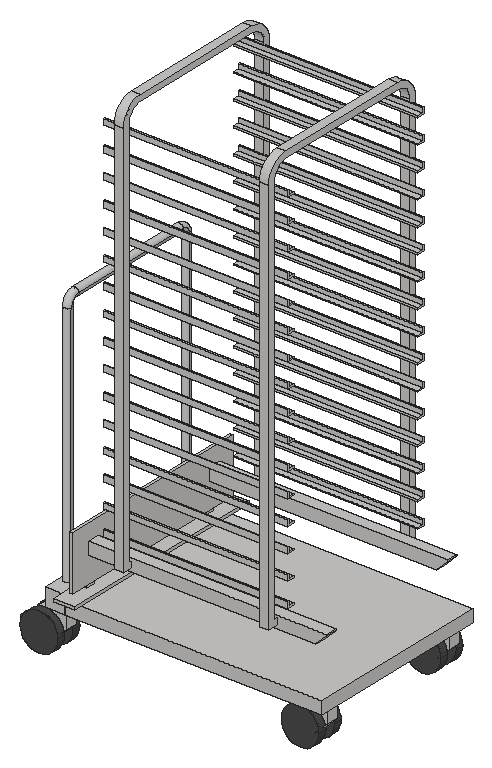
Revit family "QF_ELECTROLUXPROFESSIONAL_922762_TRBAPA1621C", category Attrezzature speciali, Revit 2020
Family settings
  Quota connettore circolare = Usa diametro
  Tipo di parte = Normale
  Basato su piano di lavoro = No
  Sempre verticale = Sì
  Taglio con vuoti quando caricato = No
  Condiviso = No
  Punto di calcolo locali = No
Parameters (values of type "Standard")
  Weight = 0.00 kg
  Watts = 0 W
  Volts = 0 V
  URL Manufacturer = ""
  URL = ""
  Steam Supply Size = 0 mm
  Steam Supply Minimum Pressure = 0.0 Pa
  Steam Supply Maximum Pressure = 0.0 Pa
  Steam Consumption per Hour = 0
  Show Clearance [instance] = yes
  Refrigeration Suction Line Size = 0 mm
  Refrigeration Liquid Line Size = 0 mm
  Refrigerant Compressor Remote = yes
  Prospetto di default = 0 mm
  Manufacturer = ""
  Phase = 0
  Model = ""
  Length Actual = 716 mm  # constant formula
  Item Number = ""
  Hot Water Size = 0 mm
  Height Actual = 1695 mm  # constant formula
  HP = ""
  Gas Size = 0 mm
  Gas KW = 0
  Gas Input Pressure = 0 W
  Direct Waste Size = 0 mm
  Description = ""
  Depth Actual = 929 mm  # constant formula
  Cycle = 0 Hz
  Condensate Return Size = 0 mm
  Compressed Air Volume = 0.0 L/s
  Compressed Air Size = 0 mm
  Compressed Air Pressure = 0.0 Pa
  Cold Water Size = 0 mm
  Accessory = yes
Reference planes
  plane 1 "Back": y = 0
  plane 2: z = 0
  plane 3 "FRONT": y = -716
  plane 4 "LEFT": x = -126
  plane 5 "RIGHT": x = 884
  plane 6: x = 379
  plane 7 "Centro Avanti/Indietro": y = -358
  plane 8: z = 1039
  plane 9: z = 130
  plane 10: z = 303
  plane 11: z = 62.5
  plane 12: y = -48
  plane 13: y = -668
  plane 14: y = -108
  plane 15: y = -608
  plane 16: y = -72.5
  plane 17: y = -643.5
  plane 18: y = -609
  plane 19: y = -107
  plane 20: z = 1695
  plane 21: x = 842.73
  plane 22: x = 8.73
Forms (mm)
  Extrusion 1, solid, material "QF_Finishes_Stainless Steel"
    sketch origin (0, 0, 0) x (1, 0, 0) y (0, 1, 0)
      loop
        line (36.598, -48) -> (36.598, -668) -> (884, -668) -> (884, -48) -> (36.598, -48)
    from 172.815 to 130
  Extrusion 2, solid, material "QF_Finishes_Stainless Steel"
    sketch origin (0, 250, 0) x (-1, 0, 0) y (0, 0, 1)
      loop
        line (27.318, 188.74) -> (-36.598, 188.74) -> (-36.598, 130) -> (27.318, 130) -> (27.318, 188.74)
    from -918 to -298
  Extrusion 3, solid, material "QF_Finishes_Stainless Steel"
    sketch origin (0, 0, 0) x (1, 0, 0) y (0, 1, 0)
      loop
        line (36.598, 0) -> (36.598, -716) -> (107.934, -716) -> (107.934, 0) -> (36.598, 0)
    from 188.74 to 196.958
  Extrusion 4, solid, material "QF_Finishes_Stainless Steel"
    sketch origin (0, 0, 0) x (0, 1, 0) y (0, 0, 1)
      loop
        line (-28, 393.148) -> (-688, 393.148) -> (-688, 213.148) -> (-28, 213.148) -> (-28, 393.148)
    from 68.292 to 79
  Extrusion 5, solid, material "QF_Finishes_Stainless Steel"
    sketch origin (0, 240.485, 0) x (-1, 0, 0) y (0, 0, 1)
      loop
        line (-79, 343.896) -> (-866.703, 343.896) -> (-866.703, 338.896) -> (-830.807, 303) -> (-79, 303) -> (-79, 343.896)
    from -368.139 to -330
  Extrusion 6, solid, material "QF_Finishes_Stainless Steel"
    sketch origin (0, -957.069, 0) x (-1, 0, 0) y (0, 0, -1)
      loop
        line (-79, -343.896) -> (-79, -303) -> (-830.807, -303) -> (-866.703, -338.896) -> (-866.703, -343.896) -> (-79, -343.896)
    from -368.139 to -330
  Extrusion 7, solid, material "QF_Finishes_Stainless Steel"
    sketch origin (0, 0.569, 0) x (1, 0, 0) y (0, 1, 0)
      loop
        line (36.598, -98.485) -> (36.598, -127.639) -> (68.292, -127.639) -> (68.292, -98.485) -> (36.598, -98.485)
    from 172.815 to 343.896
  Extrusion 8, solid, material "QF_Finishes_Stainless Steel"
    sketch origin (0, -544.569, 0) x (1, 0, 0) y (0, 1, 0)
      loop
        line (36.598, -73.515) -> (68.292, -73.515) -> (68.292, -44.361) -> (36.598, -44.361) -> (36.598, -73.515)
    from 172.815 to 343.896
  Sweep 9, solid, material "QF_Finishes_Stainless Steel"
    path origin (-7.5, 0, 0) x (0, 1, 0) y (0, 0, 1)
      loop
        line (-113, 188.74) -> (-113, 996.5)
        arc (-113, 996.5) -> (-121.787, 1017.713) -> (-143, 1026.5) r 30
        line (-143, 1026.5) -> (-573, 1026.5)
        arc (-573, 1026.5) -> (-594.213, 1017.713) -> (-603, 996.5) r 30
        line (-603, 996.5) -> (-603, 188.74)
    profile origin (-7.5, -603, 592.62) x (1, 0, 0) y (0, 1, 0)
      loop
        circle (0, 0) r 12.5
  Sweep 10, solid, material "QF_Finishes_Stainless Steel"
    path origin (206.25, 0, 0) x (0, 1, 0) y (0, 0, 1)
      loop
        line (-97.931, 323.448) -> (-68, 323.448) -> (-68, 1625)
        arc (-68, 1625) -> (-85.574, 1667.426) -> (-128, 1685) r 60
        line (-128, 1685) -> (-588, 1685)
        arc (-588, 1685) -> (-630.426, 1667.426) -> (-648, 1625) r 60
        line (-648, 1625) -> (-648, 323.448) -> (-618.069, 323.448)
    profile origin (206.25, -82.965, 323.448) x (0, 0, 1) y (1, 0, 0)
      loop
        line (-10, -15) -> (10, -15) -> (10, 15) -> (-10, 15) -> (-10, -15)
  Sweep 11, solid, material "QF_Finishes_Stainless Steel"
    path origin (686.25, 0, 0) x (0, 1, 0) y (0, 0, 1)
      loop
        line (-97.931, 323.448) -> (-67, 323.448) -> (-67, 1625)
        arc (-67, 1625) -> (-84.866, 1668.134) -> (-128, 1686) r 61
        line (-128, 1686) -> (-588, 1686)
        arc (-588, 1686) -> (-631.134, 1668.134) -> (-649, 1625) r 61
        line (-649, 1625) -> (-649, 323.448) -> (-618.069, 323.448)
    profile origin (686.25, -82.465, 323.448) x (0, 0, 1) y (1, 0, 0)
      loop
        line (-10, -15) -> (10, -15) -> (10, 15) -> (-10, 15) -> (-10, -15)
  Extrusion 12, solid, material "QF_Finishes_Stainless Steel"
    sketch origin (0, 0, 0) x (0, 1, 0) y (0, 0, 1)
      loop
        line (-78, 1617.949) -> (-83, 1617.949) -> (-83, 1602.949) -> (-103, 1602.949) -> (-103, 1597.949) -> (-78, 1597.949) -> (-78, 1617.949)
    from 140.755 to 747
  Extrusion 13, solid, material "QF_Finishes_Stainless Steel"
    sketch origin (0, -544, 0) x (0, -1, 0) y (0, 0, -1)
      loop
        line (94, -1617.949) -> (94, -1597.949) -> (69, -1597.949) -> (69, -1602.949) -> (89, -1602.949) -> (89, -1617.949) -> (94, -1617.949)
    from 140.755 to 747
  Extrusion 14, solid, material "QF_Finishes_Stainless Steel"
    sketch origin (0, 0, -81) x (0, 1, 0) y (0, 0, 1)
      loop
        line (-78, 1617.949) -> (-83, 1617.949) -> (-83, 1602.949) -> (-103, 1602.949) -> (-103, 1597.949) -> (-78, 1597.949) -> (-78, 1617.949)
    from 140.755 to 747
  Extrusion 15, solid, material "QF_Finishes_Stainless Steel"
    sketch origin (0, -544, -81) x (0, -1, 0) y (0, 0, -1)
      loop
        line (94, -1617.949) -> (94, -1597.949) -> (69, -1597.949) -> (69, -1602.949) -> (89, -1602.949) -> (89, -1617.949) -> (94, -1617.949)
    from 140.755 to 747
  Extrusion 16, solid, material "QF_Finishes_Stainless Steel"
    sketch origin (0, 0, -162) x (0, 1, 0) y (0, 0, 1)
      loop
        line (-78, 1617.949) -> (-83, 1617.949) -> (-83, 1602.949) -> (-103, 1602.949) -> (-103, 1597.949) -> (-78, 1597.949) -> (-78, 1617.949)
    from 140.755 to 747
  Extrusion 17, solid, material "QF_Finishes_Stainless Steel"
    sketch origin (0, -544, -162) x (0, -1, 0) y (0, 0, -1)
      loop
        line (94, -1617.949) -> (94, -1597.949) -> (69, -1597.949) -> (69, -1602.949) -> (89, -1602.949) -> (89, -1617.949) -> (94, -1617.949)
    from 140.755 to 747
  Extrusion 18, solid, material "QF_Finishes_Stainless Steel"
    sketch origin (0, 0, -243) x (0, 1, 0) y (0, 0, 1)
      loop
        line (-78, 1617.949) -> (-83, 1617.949) -> (-83, 1602.949) -> (-103, 1602.949) -> (-103, 1597.949) -> (-78, 1597.949) -> (-78, 1617.949)
    from 140.755 to 747
  Extrusion 19, solid, material "QF_Finishes_Stainless Steel"
    sketch origin (0, -544, -243) x (0, -1, 0) y (0, 0, -1)
      loop
        line (94, -1617.949) -> (94, -1597.949) -> (69, -1597.949) -> (69, -1602.949) -> (89, -1602.949) -> (89, -1617.949) -> (94, -1617.949)
    from 140.755 to 747
  Extrusion 20, solid, material "QF_Finishes_Stainless Steel"
    sketch origin (0, 0, -324) x (0, 1, 0) y (0, 0, 1)
      loop
        line (-78, 1617.949) -> (-83, 1617.949) -> (-83, 1602.949) -> (-103, 1602.949) -> (-103, 1597.949) -> (-78, 1597.949) -> (-78, 1617.949)
    from 140.755 to 747
  Extrusion 21, solid, material "QF_Finishes_Stainless Steel"
    sketch origin (0, -544, -324) x (0, -1, 0) y (0, 0, -1)
      loop
        line (94, -1617.949) -> (94, -1597.949) -> (69, -1597.949) -> (69, -1602.949) -> (89, -1602.949) -> (89, -1617.949) -> (94, -1617.949)
    from 140.755 to 747
  Extrusion 22, solid, material "QF_Finishes_Stainless Steel"
    sketch origin (0, 0, -405) x (0, 1, 0) y (0, 0, 1)
      loop
        line (-78, 1617.949) -> (-83, 1617.949) -> (-83, 1602.949) -> (-103, 1602.949) -> (-103, 1597.949) -> (-78, 1597.949) -> (-78, 1617.949)
    from 140.755 to 747
  Extrusion 23, solid, material "QF_Finishes_Stainless Steel"
    sketch origin (0, -544, -405) x (0, -1, 0) y (0, 0, -1)
      loop
        line (94, -1617.949) -> (94, -1597.949) -> (69, -1597.949) -> (69, -1602.949) -> (89, -1602.949) -> (89, -1617.949) -> (94, -1617.949)
    from 140.755 to 747
  Extrusion 24, solid, material "QF_Finishes_Stainless Steel"
    sketch origin (0, 0, -486) x (0, 1, 0) y (0, 0, 1)
      loop
        line (-78, 1617.949) -> (-83, 1617.949) -> (-83, 1602.949) -> (-103, 1602.949) -> (-103, 1597.949) -> (-78, 1597.949) -> (-78, 1617.949)
    from 140.755 to 747
  Extrusion 25, solid, material "QF_Finishes_Stainless Steel"
    sketch origin (0, -544, -486) x (0, -1, 0) y (0, 0, -1)
      loop
        line (94, -1617.949) -> (94, -1597.949) -> (69, -1597.949) -> (69, -1602.949) -> (89, -1602.949) -> (89, -1617.949) -> (94, -1617.949)
    from 140.755 to 747
  Extrusion 26, solid, material "QF_Finishes_Stainless Steel"
    sketch origin (0, 0, -567) x (0, 1, 0) y (0, 0, 1)
      loop
        line (-78, 1617.949) -> (-83, 1617.949) -> (-83, 1602.949) -> (-103, 1602.949) -> (-103, 1597.949) -> (-78, 1597.949) -> (-78, 1617.949)
    from 140.755 to 747
  Extrusion 27, solid, material "QF_Finishes_Stainless Steel"
    sketch origin (0, -544, -567) x (0, -1, 0) y (0, 0, -1)
      loop
        line (94, -1617.949) -> (94, -1597.949) -> (69, -1597.949) -> (69, -1602.949) -> (89, -1602.949) -> (89, -1617.949) -> (94, -1617.949)
    from 140.755 to 747
  Extrusion 28, solid, material "QF_Finishes_Stainless Steel"
    sketch origin (0, 0, -648) x (0, 1, 0) y (0, 0, 1)
      loop
        line (-78, 1617.949) -> (-83, 1617.949) -> (-83, 1602.949) -> (-103, 1602.949) -> (-103, 1597.949) -> (-78, 1597.949) -> (-78, 1617.949)
    from 140.755 to 747
  Extrusion 29, solid, material "QF_Finishes_Stainless Steel"
    sketch origin (0, -544, -648) x (0, -1, 0) y (0, 0, -1)
      loop
        line (94, -1617.949) -> (94, -1597.949) -> (69, -1597.949) -> (69, -1602.949) -> (89, -1602.949) -> (89, -1617.949) -> (94, -1617.949)
    from 140.755 to 747
  Extrusion 30, solid, material "QF_Finishes_Stainless Steel"
    sketch origin (0, 0, -729) x (0, 1, 0) y (0, 0, 1)
      loop
        line (-78, 1617.949) -> (-83, 1617.949) -> (-83, 1602.949) -> (-103, 1602.949) -> (-103, 1597.949) -> (-78, 1597.949) -> (-78, 1617.949)
    from 140.755 to 747
  Extrusion 31, solid, material "QF_Finishes_Stainless Steel"
    sketch origin (0, -544, -729) x (0, -1, 0) y (0, 0, -1)
      loop
        line (94, -1617.949) -> (94, -1597.949) -> (69, -1597.949) -> (69, -1602.949) -> (89, -1602.949) -> (89, -1617.949) -> (94, -1617.949)
    from 140.755 to 747
  Extrusion 32, solid, material "QF_Finishes_Stainless Steel"
    sketch origin (0, 0, -810) x (0, 1, 0) y (0, 0, 1)
      loop
        line (-78, 1617.949) -> (-83, 1617.949) -> (-83, 1602.949) -> (-103, 1602.949) -> (-103, 1597.949) -> (-78, 1597.949) -> (-78, 1617.949)
    from 140.755 to 747
  Extrusion 33, solid, material "QF_Finishes_Stainless Steel"
    sketch origin (0, -544, -810) x (0, -1, 0) y (0, 0, -1)
      loop
        line (94, -1617.949) -> (94, -1597.949) -> (69, -1597.949) -> (69, -1602.949) -> (89, -1602.949) -> (89, -1617.949) -> (94, -1617.949)
    from 140.755 to 747
  Extrusion 34, solid, material "QF_Finishes_Stainless Steel"
    sketch origin (0, 0, -891) x (0, 1, 0) y (0, 0, 1)
      loop
        line (-78, 1617.949) -> (-83, 1617.949) -> (-83, 1602.949) -> (-103, 1602.949) -> (-103, 1597.949) -> (-78, 1597.949) -> (-78, 1617.949)
    from 140.755 to 747
  Extrusion 35, solid, material "QF_Finishes_Stainless Steel"
    sketch origin (0, -544, -891) x (0, -1, 0) y (0, 0, -1)
      loop
        line (94, -1617.949) -> (94, -1597.949) -> (69, -1597.949) -> (69, -1602.949) -> (89, -1602.949) -> (89, -1617.949) -> (94, -1617.949)
    from 140.755 to 747
  Extrusion 36, solid, material "QF_Finishes_Stainless Steel"
    sketch origin (0, 0, -972) x (0, 1, 0) y (0, 0, 1)
      loop
        line (-78, 1617.949) -> (-83, 1617.949) -> (-83, 1602.949) -> (-103, 1602.949) -> (-103, 1597.949) -> (-78, 1597.949) -> (-78, 1617.949)
    from 140.755 to 747
  Extrusion 37, solid, material "QF_Finishes_Stainless Steel"
    sketch origin (0, -544, -972) x (0, -1, 0) y (0, 0, -1)
      loop
        line (94, -1617.949) -> (94, -1597.949) -> (69, -1597.949) -> (69, -1602.949) -> (89, -1602.949) -> (89, -1617.949) -> (94, -1617.949)
    from 140.755 to 747
  Extrusion 38, solid, material "QF_Finishes_Stainless Steel"
    sketch origin (0, 0, -1053) x (0, 1, 0) y (0, 0, 1)
      loop
        line (-78, 1617.949) -> (-83, 1617.949) -> (-83, 1602.949) -> (-103, 1602.949) -> (-103, 1597.949) -> (-78, 1597.949) -> (-78, 1617.949)
    from 140.755 to 747
  Extrusion 39, solid, material "QF_Finishes_Stainless Steel"
    sketch origin (0, -544, -1053) x (0, -1, 0) y (0, 0, -1)
      loop
        line (94, -1617.949) -> (94, -1597.949) -> (69, -1597.949) -> (69, -1602.949) -> (89, -1602.949) -> (89, -1617.949) -> (94, -1617.949)
    from 140.755 to 747
  Extrusion 40, solid, material "QF_Finishes_Stainless Steel"
    sketch origin (0, 0, -1134) x (0, 1, 0) y (0, 0, 1)
      loop
        line (-78, 1617.949) -> (-83, 1617.949) -> (-83, 1602.949) -> (-103, 1602.949) -> (-103, 1597.949) -> (-78, 1597.949) -> (-78, 1617.949)
    from 140.755 to 747
  Extrusion 41, solid, material "QF_Finishes_Stainless Steel"
    sketch origin (0, -544, -1134) x (0, -1, 0) y (0, 0, -1)
      loop
        line (94, -1617.949) -> (94, -1597.949) -> (69, -1597.949) -> (69, -1602.949) -> (89, -1602.949) -> (89, -1617.949) -> (94, -1617.949)
    from 140.755 to 747
  Extrusion 42, solid, material "QF_Finishes_Stainless Steel"
    sketch origin (0, 0, -1215) x (0, 1, 0) y (0, 0, 1)
      loop
        line (-78, 1617.949) -> (-83, 1617.949) -> (-83, 1602.949) -> (-103, 1602.949) -> (-103, 1597.949) -> (-78, 1597.949) -> (-78, 1617.949)
    from 140.755 to 747
  Extrusion 43, solid, material "QF_Finishes_Stainless Steel"
    sketch origin (0, -544, -1215) x (0, -1, 0) y (0, 0, -1)
      loop
        line (94, -1617.949) -> (94, -1597.949) -> (69, -1597.949) -> (69, -1602.949) -> (89, -1602.949) -> (89, -1617.949) -> (94, -1617.949)
    from 140.755 to 747
Cuts and joins
  joined: Extrusion 3, Extrusion 7, Extrusion 8
Dimensions and locks
  plane 4 "LEFT" to plane 5 "RIGHT" = 1010 mm
  plane 3 "FRONT" to plane 1 "Back" = 716 mm
  equal spacing: plane 4 "LEFT", plane 6, plane 5 "RIGHT"
  equal spacing: plane 3 "FRONT", plane 7 "Centro Avanti/Indietro", plane 1 "Back"
  plane 8 to plane 2 = 1039 mm
  locked: plane 9 to plane 2 at 130
  plane 10 to plane 2 = 303 mm
  plane 11 to plane 2 = 62.5 mm
  equal spacing: plane 12, plane 7 "Centro Avanti/Indietro", plane 13
  plane 12 to plane 13 = 620 mm
  locked: plane 12 to Sweep 9 sketch curve at 65
  locked: Sweep 9 sketch curve to plane 13 at 65
  locked: plane 13 to Extrusion 4 sketch curve at 20
  locked: Extrusion 4 sketch curve to plane 12 at 20
  locked: plane 15 to plane 13 at 60
  locked: plane 12 to plane 14 at 60
  equal spacing: plane 16, plane 7 "Centro Avanti/Indietro", plane 17
  plane 16 to plane 17 = 571 mm
  equal spacing: plane 18, plane 7 "Centro Avanti/Indietro", plane 19
  plane 18 to plane 19 = 502 mm
  plane 2 to plane 20 = 1695 mm
  locked: Sweep 10 sketch curve to plane 13 at 20
  locked: plane 12 to Sweep 10 sketch curve at 20
  locked: Sweep 10 sketch curve to plane 20 at 10
  plane 21 to plane 22 = 834 mm
  aligned and locked: level to plane 2
  aligned and locked: Extrusion 1 sketch curve to plane 12
  aligned and locked: Extrusion 1 sketch curve to plane 13
  aligned and locked: Extrusion 2 to plane 13
  aligned and locked: plane 12 to Extrusion 2
  aligned and locked: plane 1 "Back" to Extrusion 3 sketch curve
  aligned and locked: plane 3 "FRONT" to Extrusion 3 sketch curve
  aligned and locked: Extrusion 3 sketch curve to Extrusion 2
  aligned and locked: plane 12 to Extrusion 1
  aligned and locked: Extrusion 1 to plane 13
  aligned and locked: plane 9 to Extrusion 1
  aligned and locked: nested 2 to plane 16
  aligned and locked: nested 1 to plane 17
  aligned and locked: Extrusion 1 to plane 5 "RIGHT"
  aligned and locked: plane 21 to nested 4
  aligned and locked: plane 21 to nested 3
  aligned and locked: plane 22 to nested 2
  aligned and locked: plane 22 to nested 1
  aligned and locked: plane 9 to Extrusion 2
  aligned and locked: nested 4 to plane 18
  aligned and locked: plane 19 to nested 3
Automatic sketch dimensions
  plane 4 "LEFT" to Extrusion 1 sketch curve = 162.598 mm
  plane 5 "RIGHT" to Extrusion 1 sketch curve = 0 mm
  Extrusion 2 sketch curve to plane 9 = 58.74 mm
  plane 4 "LEFT" to Extrusion 2 sketch curve = 162.598 mm
  Extrusion 2 sketch curve to plane 9 = 0 mm
  Extrusion 2 sketch curve to Extrusion 2 sketch curve = 63.916 mm
  Extrusion 3 sketch curve to Extrusion 3 sketch curve = 71.336 mm
  Extrusion 4 sketch curve to plane 9 = 83.148 mm
  Extrusion 4 sketch curve to plane 10 = 90.148 mm
  Extrusion 5 sketch curve to plane 10 = 0 mm
  plane 5 "RIGHT" to Extrusion 5 sketch curve = 17.297 mm
  Extrusion 5 sketch curve to Extrusion 5 sketch curve = 35.896 mm
  plane 4 "LEFT" to Extrusion 5 sketch curve = 205 mm
  Extrusion 5 sketch curve to plane 10 = 35.896 mm
  Extrusion 5 sketch curve to Extrusion 5 sketch curve = 5 mm
  Extrusion 6 sketch curve to plane 10 = 0 mm
  plane 5 "RIGHT" to Extrusion 6 sketch curve = 17.297 mm
  Extrusion 6 sketch curve to Extrusion 6 sketch curve = 35.896 mm
  plane 4 "LEFT" to Extrusion 6 sketch curve = 205 mm
  Extrusion 6 sketch curve to plane 10 = 35.896 mm
  Extrusion 6 sketch curve to plane 10 = 40.896 mm
  plane 14 to Extrusion 7 sketch curve = 19.069 mm
  plane 4 "LEFT" to Extrusion 7 sketch curve = 162.598 mm
  Extrusion 7 sketch curve to Extrusion 7 sketch curve = 31.695 mm
  plane 19 to Extrusion 7 sketch curve = 9.085 mm
  plane 15 to Extrusion 8 sketch curve = 19.069 mm
  Extrusion 8 sketch curve to plane 4 "LEFT" = 162.598 mm
  Extrusion 8 sketch curve to Extrusion 8 sketch curve = 31.695 mm
  Extrusion 8 sketch curve to plane 18 = 9.085 mm
  Sweep 9 sketch curve to Sweep 9 sketch curve = 30 mm
  Sweep 9 sketch curve to plane 8 = 12.5 mm
  plane 14 to Sweep 9 sketch curve = 35 mm
  Sweep 9 sketch curve to plane 9 = 58.74 mm  (x2)
  profile plane to Sweep 9 sketch curve = 0 mm
  Sweep 9 sketch curve to profile plane = 0 mm
  Sweep 10 sketch curve to plane 15 = 20 mm
  plane 14 to Sweep 10 sketch curve = 20 mm
  Sweep 10 sketch curve to plane 10 = 20.448 mm  (x2)
  plane 18 to Sweep 10 sketch curve = 9.069 mm
  plane 19 to Sweep 10 sketch curve = 9.069 mm
  profile plane to Sweep 10 sketch curve = 10 mm
  Sweep 10 sketch curve to profile plane = 10 mm
  Sweep 10 sketch curve to profile plane = 15 mm
  profile plane to Sweep 10 sketch curve = 15 mm
  plane 17 to Sweep 11 sketch curve = 5.5 mm
  Sweep 11 sketch curve to plane 15 = 20 mm
  plane 20 to Sweep 11 sketch curve = 9 mm
  plane 14 to Sweep 11 sketch curve = 20 mm
  Sweep 11 sketch curve to plane 16 = 5.5 mm
  Sweep 11 sketch curve to plane 10 = 20.448 mm  (x2)
  plane 18 to Sweep 11 sketch curve = 9.069 mm
  plane 19 to Sweep 11 sketch curve = 9.069 mm
  profile plane to Sweep 11 sketch curve = 10 mm
  Sweep 11 sketch curve to profile plane = 10 mm
  Sweep 11 sketch curve to profile plane = 15 mm
  profile plane to Sweep 11 sketch curve = 15 mm
  plane 19 to Extrusion 12 sketch curve = 4 mm
  plane 16 to Extrusion 12 sketch curve = 10.5 mm
  Extrusion 12 sketch curve to Extrusion 12 sketch curve = 5 mm  (x2)
  plane 20 to Extrusion 12 sketch curve = 97.051 mm
  Extrusion 12 sketch curve to Extrusion 12 sketch curve = 15 mm
  plane 18 to Extrusion 13 sketch curve = 4 mm
  Extrusion 13 sketch curve to plane 17 = 10.5 mm
  Extrusion 13 sketch curve to Extrusion 13 sketch curve = 5 mm  (x2)
  plane 20 to Extrusion 13 sketch curve = 77.051 mm
  Extrusion 13 sketch curve to Extrusion 13 sketch curve = 15 mm
  plane 19 to Extrusion 14 sketch curve = 4 mm
  plane 16 to Extrusion 14 sketch curve = 10.5 mm
  Extrusion 14 sketch curve to Extrusion 14 sketch curve = 5 mm  (x2)
  plane 20 to Extrusion 14 sketch curve = 178.051 mm
  Extrusion 14 sketch curve to Extrusion 14 sketch curve = 15 mm
  plane 18 to Extrusion 15 sketch curve = 4 mm
  Extrusion 15 sketch curve to plane 17 = 10.5 mm
  Extrusion 15 sketch curve to Extrusion 15 sketch curve = 5 mm  (x2)
  plane 20 to Extrusion 15 sketch curve = 158.051 mm
  Extrusion 15 sketch curve to Extrusion 15 sketch curve = 15 mm
  plane 19 to Extrusion 16 sketch curve = 4 mm
  plane 16 to Extrusion 16 sketch curve = 10.5 mm
  Extrusion 16 sketch curve to Extrusion 16 sketch curve = 5 mm  (x2)
  plane 20 to Extrusion 16 sketch curve = 259.051 mm
  Extrusion 16 sketch curve to Extrusion 16 sketch curve = 15 mm
  plane 18 to Extrusion 17 sketch curve = 4 mm
  Extrusion 17 sketch curve to plane 17 = 10.5 mm
  Extrusion 17 sketch curve to Extrusion 17 sketch curve = 5 mm  (x2)
  plane 20 to Extrusion 17 sketch curve = 239.051 mm
  Extrusion 17 sketch curve to Extrusion 17 sketch curve = 15 mm
  plane 19 to Extrusion 18 sketch curve = 4 mm
  plane 16 to Extrusion 18 sketch curve = 10.5 mm
  Extrusion 18 sketch curve to Extrusion 18 sketch curve = 5 mm  (x2)
  plane 8 to Extrusion 18 sketch curve = 315.949 mm
  Extrusion 18 sketch curve to Extrusion 18 sketch curve = 15 mm
  plane 18 to Extrusion 19 sketch curve = 4 mm
  Extrusion 19 sketch curve to plane 17 = 10.5 mm
  Extrusion 19 sketch curve to Extrusion 19 sketch curve = 5 mm  (x2)
  plane 20 to Extrusion 19 sketch curve = 320.051 mm
  Extrusion 19 sketch curve to Extrusion 19 sketch curve = 15 mm
  plane 19 to Extrusion 20 sketch curve = 4 mm
  plane 16 to Extrusion 20 sketch curve = 10.5 mm
  Extrusion 20 sketch curve to Extrusion 20 sketch curve = 5 mm  (x2)
  plane 8 to Extrusion 20 sketch curve = 234.949 mm
  Extrusion 20 sketch curve to Extrusion 20 sketch curve = 15 mm
  plane 18 to Extrusion 21 sketch curve = 4 mm
  Extrusion 21 sketch curve to plane 17 = 10.5 mm
  Extrusion 21 sketch curve to Extrusion 21 sketch curve = 5 mm  (x2)
  plane 8 to Extrusion 21 sketch curve = 254.949 mm
  Extrusion 21 sketch curve to Extrusion 21 sketch curve = 15 mm
  plane 19 to Extrusion 22 sketch curve = 4 mm
  plane 16 to Extrusion 22 sketch curve = 10.5 mm
  Extrusion 22 sketch curve to Extrusion 22 sketch curve = 5 mm  (x2)
  plane 8 to Extrusion 22 sketch curve = 153.949 mm
  Extrusion 22 sketch curve to Extrusion 22 sketch curve = 15 mm
  plane 18 to Extrusion 23 sketch curve = 4 mm
  Extrusion 23 sketch curve to plane 17 = 10.5 mm
  Extrusion 23 sketch curve to Extrusion 23 sketch curve = 5 mm  (x2)
  plane 8 to Extrusion 23 sketch curve = 173.949 mm
  Extrusion 23 sketch curve to Extrusion 23 sketch curve = 15 mm
  plane 19 to Extrusion 24 sketch curve = 4 mm
  plane 16 to Extrusion 24 sketch curve = 10.5 mm
  Extrusion 24 sketch curve to Extrusion 24 sketch curve = 5 mm  (x2)
  plane 8 to Extrusion 24 sketch curve = 72.949 mm
  Extrusion 24 sketch curve to Extrusion 24 sketch curve = 15 mm
  plane 18 to Extrusion 25 sketch curve = 4 mm
  Extrusion 25 sketch curve to plane 17 = 10.5 mm
  Extrusion 25 sketch curve to Extrusion 25 sketch curve = 5 mm  (x2)
  plane 8 to Extrusion 25 sketch curve = 92.949 mm
  Extrusion 25 sketch curve to Extrusion 25 sketch curve = 15 mm
  plane 19 to Extrusion 26 sketch curve = 4 mm
  plane 16 to Extrusion 26 sketch curve = 10.5 mm
  Extrusion 26 sketch curve to Extrusion 26 sketch curve = 5 mm
  Extrusion 26 sketch curve to plane 8 = 8.051 mm
  Extrusion 26 sketch curve to plane 8 = 3.051 mm
  plane 8 to Extrusion 26 sketch curve = 11.949 mm
  plane 18 to Extrusion 27 sketch curve = 4 mm
  Extrusion 27 sketch curve to plane 17 = 10.5 mm
  Extrusion 27 sketch curve to Extrusion 27 sketch curve = 5 mm  (x2)
  plane 8 to Extrusion 27 sketch curve = 11.949 mm
  Extrusion 27 sketch curve to plane 8 = 3.051 mm
  plane 19 to Extrusion 28 sketch curve = 4 mm
  plane 16 to Extrusion 28 sketch curve = 10.5 mm
  Extrusion 28 sketch curve to Extrusion 28 sketch curve = 5 mm  (x2)
  Extrusion 28 sketch curve to plane 8 = 89.051 mm
  Extrusion 28 sketch curve to Extrusion 28 sketch curve = 15 mm
  plane 18 to Extrusion 29 sketch curve = 4 mm
  Extrusion 29 sketch curve to plane 17 = 10.5 mm
  Extrusion 29 sketch curve to Extrusion 29 sketch curve = 5 mm  (x2)
  Extrusion 29 sketch curve to plane 8 = 69.051 mm
  Extrusion 29 sketch curve to Extrusion 29 sketch curve = 15 mm
  plane 19 to Extrusion 30 sketch curve = 4 mm
  plane 16 to Extrusion 30 sketch curve = 10.5 mm
  Extrusion 30 sketch curve to Extrusion 30 sketch curve = 5 mm  (x2)
  Extrusion 30 sketch curve to plane 8 = 170.051 mm
  Extrusion 30 sketch curve to Extrusion 30 sketch curve = 15 mm
  plane 18 to Extrusion 31 sketch curve = 4 mm
  Extrusion 31 sketch curve to plane 17 = 10.5 mm
  Extrusion 31 sketch curve to Extrusion 31 sketch curve = 5 mm  (x2)
  Extrusion 31 sketch curve to plane 8 = 150.051 mm
  Extrusion 31 sketch curve to Extrusion 31 sketch curve = 15 mm
  plane 19 to Extrusion 32 sketch curve = 4 mm
  plane 16 to Extrusion 32 sketch curve = 10.5 mm
  Extrusion 32 sketch curve to Extrusion 32 sketch curve = 5 mm  (x2)
  Extrusion 32 sketch curve to plane 8 = 251.051 mm
  Extrusion 32 sketch curve to Extrusion 32 sketch curve = 15 mm
  plane 18 to Extrusion 33 sketch curve = 4 mm
  Extrusion 33 sketch curve to plane 17 = 10.5 mm
  Extrusion 33 sketch curve to Extrusion 33 sketch curve = 5 mm  (x2)
  Extrusion 33 sketch curve to plane 8 = 231.051 mm
  Extrusion 33 sketch curve to Extrusion 33 sketch curve = 15 mm
  plane 19 to Extrusion 34 sketch curve = 4 mm
  plane 16 to Extrusion 34 sketch curve = 10.5 mm
  Extrusion 34 sketch curve to Extrusion 34 sketch curve = 5 mm  (x2)
  Extrusion 34 sketch curve to plane 8 = 332.051 mm
  Extrusion 34 sketch curve to Extrusion 34 sketch curve = 15 mm
  plane 18 to Extrusion 35 sketch curve = 4 mm
  Extrusion 35 sketch curve to plane 17 = 10.5 mm
  Extrusion 35 sketch curve to Extrusion 35 sketch curve = 5 mm  (x2)
  Extrusion 35 sketch curve to plane 8 = 312.051 mm
  Extrusion 35 sketch curve to Extrusion 35 sketch curve = 15 mm
  plane 19 to Extrusion 36 sketch curve = 4 mm
  plane 16 to Extrusion 36 sketch curve = 10.5 mm
  Extrusion 36 sketch curve to Extrusion 36 sketch curve = 5 mm  (x2)
  Extrusion 36 sketch curve to plane 10 = 322.949 mm
  Extrusion 36 sketch curve to Extrusion 36 sketch curve = 15 mm
  plane 18 to Extrusion 37 sketch curve = 4 mm
  Extrusion 37 sketch curve to plane 17 = 10.5 mm
  Extrusion 37 sketch curve to Extrusion 37 sketch curve = 5 mm  (x2)
  Extrusion 37 sketch curve to plane 10 = 342.949 mm
  Extrusion 37 sketch curve to Extrusion 37 sketch curve = 15 mm
  plane 19 to Extrusion 38 sketch curve = 4 mm
  plane 16 to Extrusion 38 sketch curve = 10.5 mm
  Extrusion 38 sketch curve to Extrusion 38 sketch curve = 5 mm  (x2)
  Extrusion 38 sketch curve to plane 10 = 241.949 mm
  Extrusion 38 sketch curve to Extrusion 38 sketch curve = 15 mm
  plane 18 to Extrusion 39 sketch curve = 4 mm
  Extrusion 39 sketch curve to plane 17 = 10.5 mm
  Extrusion 39 sketch curve to Extrusion 39 sketch curve = 5 mm  (x2)
  Extrusion 39 sketch curve to plane 10 = 261.949 mm
  Extrusion 39 sketch curve to Extrusion 39 sketch curve = 15 mm
  plane 19 to Extrusion 40 sketch curve = 4 mm
  plane 16 to Extrusion 40 sketch curve = 10.5 mm
  Extrusion 40 sketch curve to Extrusion 40 sketch curve = 5 mm  (x2)
  Extrusion 40 sketch curve to plane 10 = 160.949 mm
  Extrusion 40 sketch curve to Extrusion 40 sketch curve = 15 mm
  plane 18 to Extrusion 41 sketch curve = 4 mm
  Extrusion 41 sketch curve to plane 17 = 10.5 mm
  Extrusion 41 sketch curve to Extrusion 41 sketch curve = 5 mm  (x2)
  Extrusion 41 sketch curve to plane 10 = 180.949 mm
  Extrusion 41 sketch curve to Extrusion 41 sketch curve = 15 mm
  plane 19 to Extrusion 42 sketch curve = 4 mm
  plane 16 to Extrusion 42 sketch curve = 10.5 mm
  Extrusion 42 sketch curve to Extrusion 42 sketch curve = 5 mm  (x2)
  Extrusion 42 sketch curve to plane 10 = 79.949 mm
  Extrusion 42 sketch curve to Extrusion 42 sketch curve = 15 mm
  plane 18 to Extrusion 43 sketch curve = 4 mm
  Extrusion 43 sketch curve to plane 17 = 10.5 mm
  Extrusion 43 sketch curve to Extrusion 43 sketch curve = 5 mm  (x2)
  Extrusion 43 sketch curve to plane 10 = 99.949 mm
  Extrusion 43 sketch curve to Extrusion 43 sketch curve = 15 mm
  radius of Sweep 9 sketch curve = 12.5 mm
Nested families
  nested 1: "Ruota_Oven" at (8.73, -643.5, 130) x (1, 0, 0) z (0, 0, -1), type "Ruota_Oven"
    with Break yes
  nested 2: "Ruota_Oven" at (8.73, -72.5, 130) x (1, 0, 0) z (0, 0, -1), type "Ruota_Oven"
    with Break yes
  nested 3: "Ruota_Oven" at (842.73, -107, 130) x (1, 0, 0) z (0, 0, -1), type "Ruota_Oven"
    with Break no
  nested 4: "Ruota_Oven" at (842.73, -609, 130) x (1, 0, 0) z (0, 0, -1), type "Ruota_Oven"
    with Break no
Definition of nested family "Ruota_Oven"
  Parameters (values of type "Ruota_Oven")
    Default Elevation = 1219.2 mm
    H_Joint = 17.5 mm
    D_Wheel = 25 mm
    D_Body = 38.241 mm
    Break [instance] = yes
  Reference planes
    plane 1 "Centro (Fronte/Retro)": y = 0
    plane 2: z = 0
    plane 3 "Centro (Sinistra/Destra)": x = 0
    plane 4: y = -19.121
    plane 5: y = 19.121
    plane 6: y = 44.121
    plane 7: y = -44.121
    plane 8: x = -74.513
    plane 9: x = -108.096
    plane 10: z = 17.5
    plane 11: z = 87.122
    plane 12: z = 69.582
    plane 13: z = 62.295
    plane 14: z = 67.876
  Forms (mm)
    Extrusion 1, solid
      sketch origin (0, 0, 0) x (1, 0, 0) y (0, 1, 0)
        loop
          line (-1219.2, 1219.2) -> (-1219.2, -1219.2) -> (1219.2, -1219.2) -> (1219.2, 1219.2) -> (-1219.2, 1219.2)
      from 0 to -304.8
    Extrusion 2, solid
      sketch origin (25.444, -649.117, 145.401) x (-1, 0, 0) y (0, 0, -1)
        loop
          line (99.957, 127.901) -> (50.962, 127.901) -> (50.962, 145.401) -> (-2.479, 145.401) -> (-2.479, 96.518) -> (35.759, 58.28) -> (99.957, 58.28) -> (99.957, 127.901)
      from -668.238 to -629.997
    Extrusion 3, solid
      sketch origin (-4.556, -646.617, 159.151) x (-1, 0, 0) y (0, 0, -1)
        loop
          circle (37.949, 91.276) r 62.5
      from -627.497 to -602.497
    Extrusion 4, solid
      sketch origin (-4.556, 649.621, 144.151) x (-1, 0, 0) y (0, 0, 1)
        loop
          circle (37.949, -76.276) r 62.5
      from -630.5 to -605.5
    Extrusion 5, solid, visible <- "Break"
      sketch origin (-1291.499, 281.245, -26.558) x (0, -1, 0) y (1, 0, 0)
        loop
          line (300.366, 1216.99) -> (262.125, 1216.99) -> (262.125, 1183.408) -> (250.568, 1183.408)
          arc (250.568, 1183.408) -> (281.79, 1162.444) -> (313.014, 1183.403) r 33.735
          line (313.014, 1183.403) -> (300.366, 1183.403) -> (300.366, 1216.99)
      from 88.853 to 96.139
  Dimensions and locks
    equal spacing: plane 5, plane 1 "Centro (Fronte/Retro)", plane 4
    "D_Body": plane 5 to plane 4
    "D_Wheel": plane 4 to plane 7
    "D_Wheel": plane 6 to plane 5
    locked: plane 8 to plane 3 "Centro (Sinistra/Destra)" at 74.513
    locked: plane 9 to plane 8 at 33.582
    locked: plane 11 to plane 10 at 69.622
    "H_Joint": plane 10 to plane 2
    locked: plane 12 to plane 13 at 7.286
    locked: plane 11 to plane 12 at 17.54
    locked: plane 11 to plane 14 at 19.246
    locked: Extrusion 3 sketch curve to plane 14 at 62.5
    aligned and locked: plane 2 to Extrusion 1
    aligned and locked: level to Extrusion 1
    aligned and locked: Extrusion 3 to plane 7
    aligned and locked: plane 4 to Extrusion 3
    aligned and locked: Extrusion 4 to plane 5
    aligned and locked: plane 6 to Extrusion 4
    aligned and locked: plane 5 to Extrusion 2
    aligned and locked: Extrusion 2 to plane 4
    aligned and locked: plane 5 to Extrusion 5
    aligned and locked: Extrusion 5 to plane 4
    aligned and locked: Extrusion 5 to plane 8
    aligned and locked: Extrusion 5 to plane 9  (x2)
    aligned and locked: Extrusion 2 to plane 10
    aligned and locked: plane 11 to Extrusion 2
    aligned and locked: plane 12 to Extrusion 5
    aligned and locked: Extrusion 5 to plane 13
    aligned and locked: Extrusion 2 to Extrusion 5
    aligned and locked: Extrusion 4 sketch curve to Extrusion 3
  Automatic sketch dimensions
    Extrusion 1 sketch curve to Extrusion 1 sketch curve = 2438.4 mm  (x2)
    Extrusion 2 sketch curve to level = 0 mm
    plane 3 "Centro (Sinistra/Destra)" to Extrusion 2 sketch curve = 27.923 mm
    Extrusion 2 sketch curve to plane 3 "Centro (Sinistra/Destra)" = 10.315 mm
    Extrusion 2 sketch curve to plane 3 "Centro (Sinistra/Destra)" = 25.518 mm
    Extrusion 2 sketch curve to Extrusion 2 sketch curve = 64.198 mm
    Extrusion 2 sketch curve to Extrusion 2 sketch curve = 17.5 mm
    Extrusion 2 sketch curve to Extrusion 2 sketch curve = 31.384 mm
    Extrusion 2 sketch curve to Extrusion 2 sketch curve = 38.238 mm
    Extrusion 3 sketch curve to plane 3 "Centro (Sinistra/Destra)" = 42.505 mm
    Extrusion 5 sketch curve to plane 5 = 0 mm
    plane 1 "Centro (Fronte/Retro)" to Extrusion 5 sketch curve = 0.547 mm
    Extrusion 5 sketch curve to plane 4 = 0 mm
    Extrusion 5 sketch curve to plane 6 = 13.444 mm
    plane 7 to Extrusion 5 sketch curve = 12.352 mm
    Extrusion 5 sketch curve to plane 3 "Centro (Sinistra/Destra)" = 108.096 mm
    Extrusion 5 sketch curve to Extrusion 5 sketch curve = 12.77 mm
    Extrusion 5 sketch curve to Extrusion 5 sketch curve = 20.812 mm
    radius of Extrusion 3 sketch curve = 62.5 mm
